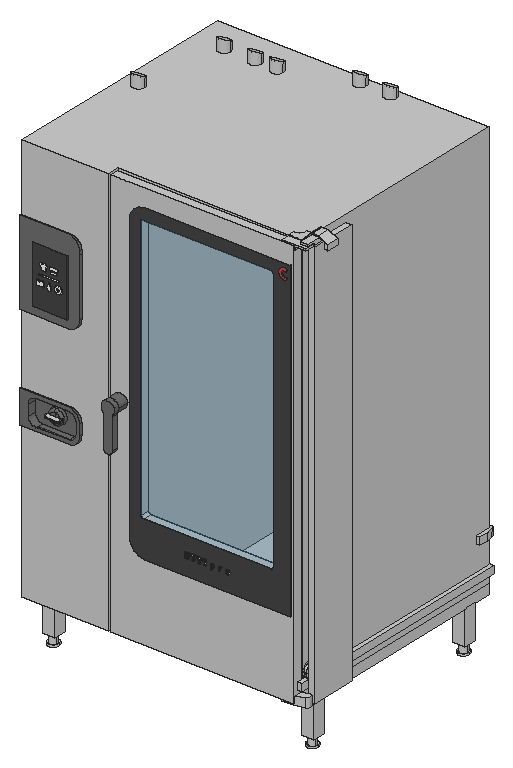
Revit family "QF_WELBILT-CONVOTHERM_CMX-PRO-ET-20-20-GB.240704055421", category Specialty Equipment, Revit 2020
Family settings
  Round Connector Dimension = Use Diameter
  Part Type = Normal
  OmniClass Number = 23.40.40.14
  OmniClass Title = Food Service Equipment
  Work Plane-Based = No
  Always vertical = Yes
  Cut with Voids When Loaded = No
  Shared = No
  Room Calculation Point = No
Parameters (values of type "CMX-PRO-ET-20-20-GB-DD_230V/1Ph/50Hz")
  Weight = 331.00 kg
  Waste Remarks [instance] = ""
  Volts = 230 V
  URL Cutsheet = ""
  URL = "www.convotherm.com"
  Status [instance] = ""
  Specification by User [instance] = ""
  Specification by Manufacturer [instance] = ""
  Serial Number = ""
  Seismic Rating = ""
  SMACNA No = ""
  Revision Code [instance] = ""
  Phase = 1
  Number of Poles = 1
  Nominal Gas power = 62000 W
  NAFEM Spec ID Number = ""
  Model = "CMX-PRO-ET-20-20-GB"
  Min Ckt Ampacity = 0 A
  Mechanical Connection Type [instance] = ""
  Max Overcurrent Protection = 0 A
  Masterspec = ""
  Manufacturer = "WELBILT-CONVOTHERM"
  Length Actual = 1135 mm
  Item Number [instance] = ""
  Installed By [instance] = ""
  Indirect Waste Size = 25.4 mm
  Indirect Waste Connection Type [instance] = ""
  Indirect Waste Connection Height [instance] = 220 mm
  Identify Quantity as Lot [instance] = no
  Height Actual = 1934 mm
  HP power = ""
  Gas power kW = 62
  Gas Size Flexible = 0 mm
  Gas Size = 19.05 mm
  Gas RI Height [instance] = 0 mm
  Gas Flow = 0.0 L/s
  Gas Connection Height [instance] = 220 mm
  Furnished By [instance] = ""
  Foodservice Equipment Identifier [instance] = no
  FL Amps = 4.3 A
  Electric power = 1100 W
  Electric Connection Type [instance] = ""
  Elec Conn RI Height [instance] = 0 mm
  Elec Conn Connection Height [instance] = 220 mm
  Direct Waste RI Height [instance] = 0 mm
  Description = "COMBI OVEN MAXX PRO EASYTOUCH 20 SHELVES GN 2/1 - DISAPPEARING DOOR - GAS BOILER"
  Depth Actual = 1020 mm
  Default Elevation = 0 mm
  Cycle = 50 Hz
  Cost = 0
  Conn Plug = ""
  Conn Conduit = no
  Cold Water Temperature Recommended = 0 °C
  Cold Water Size = 19.05 mm
  Cold Water Flow = 0.0 L/s
  Cold Water Connection Height [instance] = 220 mm
  CSI MasterFormat = ""
  Apparent Power = 1100 VA
  Accessory = no
Reference planes
  plane 1 "Center (Front/Back)": y = 0
  plane 2: z = 0
  plane 3 "Center (Left/Right)": x = 0
Forms (mm)
  Extrusion 1, solid, not visible
    sketch origin (134, -522, 222) x (1, 0, 0) y (0, 1, 0)
      loop
        line (0, 0) -> (2, 0) -> (2, 2) -> (0, 2) -> (0, 0)
    from 0 to 2
  Extrusion 2, solid, not visible
    sketch origin (124, -600, 222) x (1, 0, 0) y (0, 1, 0)
      loop
        line (0, 0) -> (2, 0) -> (2, 2) -> (0, 2) -> (0, 0)
    from 0 to 2
  Extrusion 3, solid, not visible
    sketch origin (301, -405, 222) x (1, 0, 0) y (0, 1, 0)
      loop
        line (0, 0) -> (2, 0) -> (2, 2) -> (0, 2) -> (0, 0)
    from 0 to 2
  Extrusion 4, solid, not visible
    sketch origin (104, -362, 222) x (1, 0, 0) y (0, 1, 0)
      loop
        line (0, 0) -> (2, 0) -> (2, 2) -> (0, 2) -> (0, 0)
    from 0 to 2
Dimensions and locks
  aligned and locked: level to plane 2
Nested families
  nested 1: "QF_WELBILT-CONVOTHERM_CMX-PRO-ET-20-20-GB-DD_230V_1Ph_50Hz" at (0, 0, 0), type "CMX-PRO-ET-20-20-GB-DD_230V/1Ph/50Hz"
    with Show Logo yes, Show Clearance yes
Connectors
  piping at (135, -521, 222), diameter 19.05, driven by "Gas Size", driven by "Gas Flow"
    settings: on Extrusion 1, index 1, connector inside diameter 609.6 mm, connector length 0 mm, flow factor 0, pipe flow 0.0 L/s, pressure drop 0.0 Pa, fitting loss kfactor 0, connector angle 0.00°, fixture units 0, engagement length 0 mm, angle of deflection 0.00°, flow configuration 1, flow direction 1, fitting loss method 0, system type 22, joint type 0, gender type 0, connector reference index -1, connector utility 0, adjustable connector no, is connector primary yes, connector description "Gas connection for 'CMX-PRO-ET-20-20-GB'"
  electrical at (125, -599, 222), driven by "Apparent Power", driven by "Number of Poles", driven by "Volts"
    settings: on Extrusion 2, index 2, voltage 230 V, apparent load 0 VA, apparent load phase1 1100 VA, apparent load phase2 0 VA, apparent load phase3 0 VA, power factor 1, load classification "Other", number of poles 1, system type 31, power factor state 1, is connector primary yes, connector utility no, sub classification motor no, connector description "Electric connection for 'CMX-PRO-ET-20-20-GB'"
  piping at (302, -404, 222), diameter 25.4, driven by "Indirect Waste Size"
    settings: on Extrusion 3, index 3, connector inside diameter 609.6 mm, connector length 0 mm, flow factor 0, pipe flow 0.0 L/s, pressure drop 0.0 Pa, fitting loss kfactor 0, connector angle 0.00°, fixture units 0, engagement length 0 mm, angle of deflection 0.00°, flow configuration 1, flow direction 2, fitting loss method 0, system type 16, joint type 0, gender type 0, connector reference index -1, connector utility 0, adjustable connector no, is connector primary no, connector description "Drain connection for 'CMX-PRO-ET-20-20-GB'"
  piping at (105, -361, 222), diameter 19.05, driven by "Cold Water Size", driven by "Cold Water Flow"
    settings: on Extrusion 4, index 4, connector inside diameter 609.6 mm, connector length 0 mm, flow factor 0, pipe flow 0.0 L/s, pressure drop 0.0 Pa, fitting loss kfactor 0, connector angle 0.00°, fixture units 0, engagement length 0 mm, angle of deflection 0.00°, flow configuration 1, flow direction 1, fitting loss method 0, system type 20, joint type 0, gender type 0, connector reference index -1, connector utility 0, adjustable connector no, is connector primary no, connector description "Cold Water connection for 'CMX-PRO-ET-20-20-GB'"
Definition of nested family "QF_WELBILT-CONVOTHERM_CMX-PRO-ET-20-20-GB-DD_230V_1Ph_50Hz"
  Parameters (values of type "CMX-PRO-ET-20-20-GB-DD_230V/1Ph/50Hz")
    URL = "www.convotherm.com"
    Show Logo [instance] = yes
    Show Clearance [instance] = yes
    Model = "CMX-PRO-ET-20-20-GB"
    Manufacturer = "WELBILT-CONVOTHERM"
    Description = "COMBI OVEN MAXX PRO EASYTOUCH 20 SHELVES GN 2/1 - DISAPPEARING DOOR - GAS BOILER"
    Default Elevation = 0 mm
    Assembly Code = "E1090320"
  Types (2, lengths in mm): name | Model | Description
    CMX-PRO-ET-20-20-GB-DD_230V/1Ph/50Hz | "CMX-PRO-ET-20-20-GB" | "COMBI OVEN MAXX PRO EASYTOUCH 20 SHELVES GN 2/1 - DISAPPEARING DOOR - GAS BOILER"
    CMX-PRO-ET-20-20-GS-DD | "CMX-PRO-ET-20-20-GS" | "COMBI OVEN MAXX PRO EASYTOUCH 20 SHELVES GN 2/1 - DISAPPEARING DOOR - GAS INJECTION"
  Reference planes
    plane 1 "Back": y = 0
    plane 2: z = 0
    plane 3 "Left": x = 0
    plane 4 "Right": x = 1135
    plane 5 "Front": y = -1020
    plane 6 "Top": z = 1934
  Forms (mm)
    Extrusion 1, solid
      sketch origin (0, 0, 96) x (0, 1, 0) y (0, 0, 1)
        loop
          line (0, 1838) -> (-69, 1838) -> (-69, 126) -> (0, 126) -> (0, 1838)
      from 0 to 1135
    Extrusion 2, solid
      sketch origin (621, -433, 142.161) x (1, 0, 0) y (0, 0, 1)
        loop
          line (-250, 1791.839) -> (-250, 79.839) -> (514, 79.839) -> (514, 1791.839) -> (-250, 1791.839)
        loop
          arc (-115, 1670.132) -> (-122.071, 1667.203) -> (-125, 1660.132) r 10
          line (-125, 1660.132) -> (-125, 559.207)
          arc (-125, 559.207) -> (-122.071, 552.136) -> (-115, 549.207) r 10
          line (-115, 549.207) -> (419, 549.207)
          arc (419, 549.207) -> (426.071, 552.136) -> (429, 559.207) r 10
          line (429, 559.207) -> (429, 1660.132)
          arc (429, 1660.132) -> (426.071, 1667.203) -> (419, 1670.132) r 10
          line (419, 1670.132) -> (-115, 1670.132)
      from 550 to 587
    Extrusion 3, solid
      sketch origin (621, -423, 1162.455) x (1, 0, 0) y (0, 0, 1)
        loop
          arc (-115, 649.839) -> (-122.071, 646.91) -> (-125, 639.839) r 10
          line (-125, 639.839) -> (-125, -461.086)
          arc (-125, -461.086) -> (-122.071, -468.157) -> (-115, -471.086) r 10
          line (-115, -471.086) -> (419, -471.086)
          arc (419, -471.086) -> (426.071, -468.157) -> (429, -461.086) r 10
          line (429, -461.086) -> (429, 639.839)
          arc (429, 639.839) -> (426.071, 646.91) -> (419, 649.839) r 10
          line (419, 649.839) -> (-115, 649.839)
      from 560 to 597
    Extrusion 4, solid
      sketch origin (538.754, 250.154, 1299.45) x (1, 0, 0) y (0, 1, 0)
        loop
          circle (88.246, -288.147) r 25
      from 634.55 to 684.55
    Extrusion 5, solid, visible <- "Show Logo"
      sketch origin (608.278, -419.7, 1383.603) x (1, 0, 0) y (0, 0, 1)
        loop
          line (496.472, 442.836) -> (496.472, 452.836)
          arc (496.472, 452.836) -> (465.307, 432.836) -> (496.472, 412.836) r 22
          line (496.472, 412.836) -> (496.472, 422.836)
          arc (496.472, 422.836) -> (477.839, 432.836) -> (496.472, 442.836) r 12
      from 599 to 601
    Extrusion 6, void
      sketch origin (495, 28.007, 1307) x (0, 1, 0) y (0, 0, 1)
        loop
          line (-40.997, 682) -> (-101.661, 682) -> (-40.997, 653.55) -> (-40.997, 682)
      from 106.55 to 160
    Extrusion 7, solid
      sketch origin (0, -1022, 122) x (-1, 0, 0) y (0, 0, 1)
        loop
          line (0, 1812) -> (-361, 1812) -> (-361, 100) -> (0, 100) -> (0, 1812)
      from 2 to 49
    Extrusion 8, solid
      sketch origin (260, -1020.5, 1142.293) x (-1, 0, 0) y (0, 0, 1)
        loop
          line (-863, 715.8) -> (-863, -599.2) -> (-252.2, -599.2)
          arc (-252.2, -599.2) -> (-208.359, -581.041) -> (-190.2, -537.2) r 62
          line (-190.2, -537.2) -> (-190.2, 653.753)
          arc (-190.2, 653.753) -> (-208.373, 697.627) -> (-252.247, 715.8) r 62.047
          line (-252.247, 715.8) -> (-863, 715.8)
        loop
          arc (-780, 670) -> (-787.071, 667.071) -> (-790, 660) r 10
          line (-790, 660) -> (-790, -440.925)
          arc (-790, -440.925) -> (-787.071, -447.996) -> (-780, -450.925) r 10
          line (-780, -450.925) -> (-246, -450.925)
          arc (-246, -450.925) -> (-238.929, -447.996) -> (-236, -440.925) r 10
          line (-236, -440.925) -> (-236, 660)
          arc (-236, 660) -> (-238.929, 667.071) -> (-246, 670) r 10
          line (-246, 670) -> (-780, 670)
      from 0 to 2
    Extrusion 9, solid
      sketch origin (-428.638, -446.526, 1166.547) x (0, 0, 1) y (-1, 0, 0)
        loop
          line (406.44, -478.638) -> (166.44, -478.638) -> (166.44, -623.042) -> (406.44, -623.042) -> (406.44, -478.638)
      from 580.124 to 582.124
    Extrusion 10, solid
      sketch origin (-39.218, -1026.85, -393.128) x (0, 0, -1) y (1, 0, 0)
        loop
          circle (-1823.457, 196.933) r 15
        loop
          circle (-1823.457, 196.933) r 5
        loop
          line (-1832, 105.461) -> (-1812, 105.461)
          arc (-1812, 105.461) -> (-1814.476, 112.961) -> (-1812, 120.461) r 12.599
          arc (-1812, 120.461) -> (-1814.331, 127.961) -> (-1812, 135.461) r 13.23
          line (-1812, 135.461) -> (-1832, 135.461)
          arc (-1832, 135.461) -> (-1833.917, 127.433) -> (-1829.5, 120.461) r 10.608
          arc (-1829.5, 120.461) -> (-1833.694, 113.452) -> (-1832, 105.461) r 11.176
        loop
          line (-1886.763, 126.478) -> (-1874.888, 126.478) -> (-1874.888, 143.353) -> (-1886.763, 143.353)
          arc (-1886.763, 143.353) -> (-1899.276, 145.695) -> (-1897.911, 133.038) r 7.931
          arc (-1897.911, 133.038) -> (-1896.65, 122.428) -> (-1886.763, 126.478) r 6.712
        loop
          line (-1897.084, 162.209) -> (-1887.084, 162.209) -> (-1887.084, 194.695) -> (-1897.084, 194.695) -> (-1897.084, 162.209)
        loop
          line (-1881.943, 166.339) -> (-1874.888, 166.339) -> (-1874.888, 189.464) -> (-1881.943, 189.464) -> (-1881.943, 166.339)
        loop
          line (-1857.166, 113.206) -> (-1852.166, 113.206) -> (-1852.166, 198.206) -> (-1857.166, 198.206) -> (-1857.166, 113.206)
        loop
          line (-1837.069, 158.906) -> (-1821.106, 151.462)
          arc (-1821.106, 151.462) -> (-1809.423, 158.906) -> (-1821.106, 166.349) r 8.213
          line (-1821.106, 166.349) -> (-1837.069, 158.906)
      from 0 to 2
    Extrusion 11, solid
      sketch origin (-21.246, -207.853, 1299.45) x (1, 0, 0) y (0, 1, 0)
        loop
          circle (88.246, -288.147) r 25
      from 634.55 to 684.55
    Extrusion 12, void
      sketch origin (-65, -430, 1307) x (0, 1, 0) y (0, 0, 1)
        loop
          line (-40.997, 682) -> (-101.661, 682) -> (-40.997, 653.55) -> (-40.997, 682)
      from 106.55 to 160
    Extrusion 13, solid, visible <- "Show Clearance", detail levels coarse
      sketch origin (259, -226, 122) x (1, 0, 0) y (0, 1, 0)
        loop
          line (876, -794) -> (112, -794)
          arc (112, -794) -> (335.77, -1334.23) -> (876, -1558) r 764
          line (876, -1558) -> (876, -794)
      from 100 to 1812
    Extrusion 14, solid, visible <- "Show Clearance", detail levels coarse
      sketch origin (0, 0, 1020.837) x (1, 0, 0) y (0, 1, 0)
        loop
          line (1185, 50) -> (-50, 50) -> (-50, -1020) -> (0, -1020) -> (0, 0) -> (1135, 0) -> (1135, -1020) -> (1185, -1020) -> (1185, 50)
      from -1020.837 to 913.163
    Extrusion 15, solid
      sketch origin (401.711, -455, 812.309) x (1, 0, 0) y (0, 0, 1)
        loop
          arc (-10.176, 136.991) -> (9.289, 117.635) -> (28.753, 136.991) r 19.465
          line (28.753, 136.991) -> (28.753, 265.447)
          arc (28.753, 265.447) -> (29.337, 268.813) -> (31.019, 271.786) r 9.998
          arc (31.019, 271.786) -> (9.289, 317.699) -> (-12.442, 271.786) r 28.099
          arc (-12.442, 271.786) -> (-10.759, 268.813) -> (-10.176, 265.447) r 9.998
          line (-10.176, 265.447) -> (-10.176, 136.991)
      from 611 to 630
    Extrusion 16, solid
      sketch origin (376.711, -428, 809.017) x (1, 0, 0) y (0, 0, 1)
        loop
          circle (34.289, 292.891) r 28.099
      from 592 to 638
    Extrusion 17, solid
      sketch origin (0, -1022.2, 962.518) x (-1, 0, 0) y (0, 0, 1)
        loop
          line (4, 692) -> (-199.45, 692)
          arc (-199.45, 692) -> (-233.073, 678.073) -> (-247, 644.45) r 47.55
          line (-247, 644.45) -> (-247, 632) -> (-247, 386.55)
          arc (-247, 386.55) -> (-233.073, 352.927) -> (-199.45, 339) r 47.55
          line (-199.45, 339) -> (4, 339) -> (4, 692)
      from -5.45 to 30.55
    Extrusion 18, solid, visible <- "Show Logo"
      sketch origin (151.074, -1021, 492.827) x (-1, 0, 0) y (0, 0, 1)
        loop
          line (-528.137, 127.552) -> (-530.011, 127.552) -> (-530.348, 126.074)
          arc (-530.348, 126.074) -> (-533.867, 127.761) -> (-537.387, 126.074) r 4.515
          arc (-537.387, 126.074) -> (-541.947, 127.505) -> (-544.743, 123.629) r 4.084
          line (-544.743, 123.629) -> (-544.743, 116.284) -> (-542.349, 116.284) -> (-542.349, 123.232)
          arc (-542.349, 123.232) -> (-539.99, 125.59) -> (-537.632, 123.232) r 2.358
          line (-537.632, 123.232) -> (-537.632, 116.284) -> (-535.228, 116.284) -> (-535.228, 123.232)
          arc (-535.228, 123.232) -> (-532.879, 125.58) -> (-530.531, 123.232) r 2.348
          line (-530.531, 123.232) -> (-530.531, 116.284) -> (-528.137, 116.284) -> (-528.137, 127.552)
        loop
          arc (-560.96, 126.777) -> (-563.601, 127.667) -> (-566.387, 127.637) r 8.338
          arc (-566.387, 127.637) -> (-568.587, 126.318) -> (-569.365, 123.874) r 3.628
          line (-569.365, 123.874) -> (-569.365, 116.284) -> (-567.653, 116.284) -> (-567.175, 117.853)
          arc (-567.175, 117.853) -> (-565.463, 116.5) -> (-563.335, 116.017) r 4.933
          arc (-563.335, 116.017) -> (-560.862, 117.042) -> (-559.838, 119.515) r 3.498
          arc (-559.838, 119.515) -> (-560.769, 121.724) -> (-562.869, 122.881) r 3.655
          arc (-562.869, 122.881) -> (-564.937, 123.13) -> (-567.021, 123.172) r 20.914
          arc (-567.021, 123.172) -> (-566.618, 125.022) -> (-564.92, 125.86) r 2.182
          arc (-564.92, 125.86) -> (-563.277, 125.666) -> (-561.734, 125.066) r 6.53
          line (-561.734, 125.066) -> (-560.96, 126.777)
        loop
          line (-566.971, 121.663) -> (-566.971, 120.653)
          arc (-566.971, 120.653) -> (-565.555, 118.263) -> (-562.778, 118.357) r 2.725
          arc (-562.778, 118.357) -> (-562.249, 119.77) -> (-563.061, 121.043) r 1.69
          arc (-563.061, 121.043) -> (-563.851, 121.394) -> (-564.704, 121.544) r 3.557
          line (-564.704, 121.544) -> (-566.971, 121.663)
        loop
          line (-583.952, 127.552) -> (-586.682, 127.552) -> (-589.25, 123.609) -> (-591.837, 127.552) -> (-594.547, 127.552) -> (-590.757, 122.04) -> (-594.741, 116.284) -> (-592.031, 116.284) -> (-589.25, 120.502) -> (-586.479, 116.284) -> (-583.769, 116.284) -> (-587.732, 122.04) -> (-583.952, 127.552)
        loop
          line (-607.963, 127.552) -> (-610.693, 127.552) -> (-613.26, 123.609) -> (-615.848, 127.552) -> (-618.558, 127.552) -> (-614.768, 122.04) -> (-618.752, 116.284) -> (-616.042, 116.284) -> (-613.26, 120.502) -> (-610.489, 116.284) -> (-607.779, 116.284) -> (-611.742, 122.04) -> (-607.963, 127.552)
        loop
          line (-636.435, 132.059) -> (-639.145, 132.059) -> (-639.689, 130.03)
          arc (-639.689, 130.03) -> (-644.361, 132.339) -> (-649.091, 130.15) r 6.037
          arc (-649.091, 130.15) -> (-650.678, 124.151) -> (-649.091, 118.152) r 12.127
          arc (-649.091, 118.152) -> (-644.439, 115.999) -> (-639.787, 118.152) r 6.101
          line (-639.787, 118.152) -> (-639.787, 109.266) -> (-636.435, 109.266) -> (-636.435, 132.059)
        loop
          arc (-640.707, 128.436) -> (-643.521, 129.607) -> (-646.244, 128.239) r 3.656
          arc (-646.244, 128.239) -> (-647.304, 124.134) -> (-646.244, 120.028) r 8.478
          arc (-646.244, 120.028) -> (-643.478, 118.728) -> (-640.707, 120.019) r 3.605
          arc (-640.707, 120.019) -> (-639.746, 124.228) -> (-640.707, 128.436) r 9.697
        loop
          line (-672.161, 132.059) -> (-674.786, 132.059) -> (-675.228, 129.277)
          arc (-675.228, 129.277) -> (-678.007, 131.919) -> (-681.831, 132.201) r 5.699
          line (-681.831, 132.201) -> (-681.499, 129.039)
          arc (-681.499, 129.039) -> (-677.382, 128.276) -> (-675.513, 124.528) r 4.693
          line (-675.513, 124.528) -> (-675.513, 116.284) -> (-672.161, 116.284) -> (-672.161, 132.059)
        loop
          arc (-701.668, 128.856) -> (-708.102, 132.336) -> (-714.536, 128.856) r 7.688
          arc (-714.536, 128.856) -> (-715.716, 123.509) -> (-713.81, 118.375) r 9.693
          arc (-713.81, 118.375) -> (-708.258, 115.93) -> (-702.705, 118.375) r 7.526
          arc (-702.705, 118.375) -> (-700.886, 123.487) -> (-701.668, 128.856) r 11.265
        loop
          arc (-705.156, 128.208) -> (-708.205, 129.601) -> (-711.253, 128.208) r 4.032
          arc (-711.253, 128.208) -> (-712.176, 124.281) -> (-711.253, 120.354) r 8.822
          arc (-711.253, 120.354) -> (-708.251, 118.678) -> (-705.156, 120.174) r 3.725
          arc (-705.156, 120.174) -> (-704.233, 124.191) -> (-705.156, 128.208) r 9.2
        loop
          arc (-532.682, 137.519) -> (-530.724, 137.866) -> (-529.296, 136.484) r 2.184
          arc (-529.296, 136.484) -> (-529.141, 134.97) -> (-529.666, 133.541) r 3.38
          arc (-529.666, 133.541) -> (-531.195, 132.902) -> (-532.824, 133.209) r 2.886
          line (-532.824, 133.209) -> (-532.824, 132.27)
          arc (-532.824, 132.27) -> (-530.712, 132.004) -> (-528.755, 132.842) r 4.064
          arc (-528.755, 132.842) -> (-527.999, 134.996) -> (-528.348, 137.252) r 4.701
          arc (-528.348, 137.252) -> (-530.48, 138.773) -> (-533.076, 138.431) r 3.573
          line (-533.076, 138.431) -> (-532.682, 137.519)
        loop
          arc (-537.479, 137.982) -> (-539.805, 138.908) -> (-542.133, 137.986) r 3.392
          arc (-542.133, 137.986) -> (-542.922, 135.429) -> (-542.133, 132.872) r 4.538
          arc (-542.133, 132.872) -> (-539.818, 131.941) -> (-537.495, 132.853) r 3.378
          arc (-537.495, 132.853) -> (-536.706, 135.415) -> (-537.479, 137.982) r 4.603
        loop
          arc (-538.327, 137.294) -> (-539.797, 137.948) -> (-541.273, 137.306) r 1.999
          arc (-541.273, 137.306) -> (-541.786, 135.426) -> (-541.273, 133.546) r 3.701
          arc (-541.273, 133.546) -> (-539.8, 132.933) -> (-538.327, 133.544) r 2.078
          arc (-538.327, 133.544) -> (-537.877, 135.419) -> (-538.327, 137.294) r 4.129
        loop
          line (-547.292, 138.766) -> (-548.621, 138.766) -> (-551.871, 133.511) -> (-551.871, 138.766) -> (-552.875, 138.766) -> (-552.875, 132.063) -> (-551.532, 132.063) -> (-548.286, 137.265) -> (-548.286, 132.063) -> (-547.292, 132.063) -> (-547.292, 138.766)
        loop
          line (-556.671, 138.766) -> (-557.799, 138.766) -> (-559.583, 133.448) -> (-561.375, 138.766) -> (-562.512, 138.766) -> (-560.164, 132.063) -> (-559.009, 132.063) -> (-556.671, 138.766)
        loop
          arc (-566.711, 137.982) -> (-569.038, 138.908) -> (-571.366, 137.986) r 3.392
          arc (-571.366, 137.986) -> (-572.155, 135.429) -> (-571.366, 132.872) r 4.538
          arc (-571.366, 132.872) -> (-569.051, 131.941) -> (-566.727, 132.853) r 3.378
          arc (-566.727, 132.853) -> (-565.939, 135.415) -> (-566.711, 137.982) r 4.603
        loop
          arc (-567.56, 137.294) -> (-569.03, 137.948) -> (-570.505, 137.306) r 1.999
          arc (-570.505, 137.306) -> (-571.019, 135.426) -> (-570.505, 133.546) r 3.701
          arc (-570.505, 133.546) -> (-569.033, 132.933) -> (-567.56, 133.544) r 2.078
          arc (-567.56, 133.544) -> (-567.109, 135.419) -> (-567.56, 137.294) r 4.129
        loop
          line (-577.456, 137.826) -> (-575.485, 137.826) -> (-575.485, 138.766) -> (-580.523, 138.766) -> (-580.523, 137.826) -> (-578.552, 137.826) -> (-578.552, 132.063) -> (-577.456, 132.063) -> (-577.456, 137.826)
        loop
          line (-584.461, 138.766) -> (-585.556, 138.766) -> (-585.556, 136.024) -> (-588.646, 136.024) -> (-588.646, 138.766) -> (-589.747, 138.766) -> (-589.747, 132.063) -> (-588.646, 132.063) -> (-588.646, 135.084) -> (-585.556, 135.084) -> (-585.556, 132.063) -> (-584.461, 132.063) -> (-584.461, 138.766)
        loop
          line (-598.044, 136.015) -> (-598.044, 135.098) -> (-595.518, 135.098) -> (-595.518, 132.994) -> (-598.214, 132.994) -> (-598.214, 132.063) -> (-594.423, 132.063) -> (-594.423, 138.766) -> (-598.214, 138.766) -> (-598.214, 137.84) -> (-595.518, 137.84) -> (-595.518, 136.015) -> (-598.044, 136.015)
        loop
          line (-602.573, 138.766) -> (-604.466, 138.766)
          arc (-604.466, 138.766) -> (-605.459, 138.644) -> (-606.393, 138.285) r 4.104
          arc (-606.393, 138.285) -> (-606.983, 136.462) -> (-605.709, 135.029) r 1.929
          line (-605.709, 135.029) -> (-607.602, 132.063) -> (-606.355, 132.063) -> (-604.751, 134.741) -> (-603.669, 134.741) -> (-603.669, 132.063) -> (-602.573, 132.063) -> (-602.573, 138.766)
        loop
          line (-603.669, 137.84) -> (-604.805, 137.84)
          arc (-604.805, 137.84) -> (-605.901, 136.744) -> (-604.805, 135.648) r 1.096
          line (-604.805, 135.648) -> (-603.669, 135.648) -> (-603.669, 137.84)
        loop
          line (-611.485, 138.766) -> (-613.03, 138.766) -> (-614.905, 133.395) -> (-616.835, 138.766) -> (-618.384, 138.766) -> (-618.384, 132.063) -> (-617.33, 132.063) -> (-617.33, 137.563) -> (-615.349, 132.063) -> (-614.382, 132.063) -> (-612.48, 137.543) -> (-612.48, 132.063) -> (-611.485, 132.063) -> (-611.485, 138.766)
      from 0 to 2
    Extrusion 19, solid
      sketch origin (0, -792, 222) x (-1, 0, 0) y (0, 0, 1)
        loop
          line (0, 1712) -> (-1135, 1712) -> (-1135, 0) -> (0, 0) -> (0, 1712)
        loop
          line (-411, 1672) -> (-1095, 1672) -> (-1095, 40) -> (-411, 40) -> (-411, 1672)
      from -181 to 723
    Extrusion 20, solid
      sketch origin (60, -1022.2, 528.196) x (-1, 0, 0) y (0, 0, 1)
        loop
          line (64, 479) -> (-139.45, 479)
          arc (-139.45, 479) -> (-173.073, 465.073) -> (-187, 431.45) r 47.55
          line (-187, 431.45) -> (-187, 386.55)
          arc (-187, 386.55) -> (-173.073, 352.927) -> (-139.45, 339) r 47.55
          line (-139.45, 339) -> (64, 339) -> (64, 479)
        loop
          line (-4.55, 464) -> (-139.45, 464)
          arc (-139.45, 464) -> (-162.466, 454.466) -> (-172, 431.45) r 32.55
          line (-172, 431.45) -> (-172, 386.55)
          arc (-172, 386.55) -> (-162.466, 363.534) -> (-139.45, 354) r 32.55
          line (-139.45, 354) -> (-4.55, 354)
          arc (-4.55, 354) -> (18.466, 363.534) -> (28, 386.55) r 32.55
          line (28, 386.55) -> (28, 431.45)
          arc (28, 431.45) -> (18.466, 454.466) -> (-4.55, 464) r 32.55
      from -5.45 to 30.55
    Extrusion 21, void
      sketch origin (0, -1032.65, 220) x (-1, 0, 0) y (0, 0, 1)
        loop
          line (-64.55, 774.196) -> (-199.45, 774.196)
          arc (-199.45, 774.196) -> (-223.881, 764.076) -> (-234, 739.646) r 34.55
          line (-234, 739.646) -> (-234, 694.746)
          arc (-234, 694.746) -> (-223.881, 670.315) -> (-199.45, 660.196) r 34.55
          line (-199.45, 660.196) -> (-64.55, 660.196)
          arc (-64.55, 660.196) -> (-40.119, 670.315) -> (-30, 694.746) r 34.55
          line (-30, 694.746) -> (-30, 739.646)
          arc (-30, 739.646) -> (-40.119, 764.076) -> (-64.55, 774.196) r 34.55
      from 0 to 41
    Revolve 22, solid
      sketch origin (132, -213, 187) x (0, 1, 0) y (0, 0, 1)
        loop
          line (-800.65, 771.095) -> (-800.65, 750.196) -> (-780.65, 750.196) -> (-780.65, 782.804) -> (-792.214, 780.972)
          arc (-792.214, 780.972) -> (-798.254, 777.59) -> (-800.65, 771.095) r 10
        axis (-780.65, 750.196) -> (-800.65, 750.196)
      angle from 0 to 360
    Extrusion 23, solid
      sketch origin (60, -988.2, 513.196) x (-1, 0, 0) y (0, 0, 1)
        loop
          line (-4.55, 479) -> (-139.45, 479)
          arc (-139.45, 479) -> (-162.466, 469.466) -> (-172, 446.45) r 32.55
          line (-172, 446.45) -> (-172, 401.55)
          arc (-172, 401.55) -> (-162.466, 378.534) -> (-139.45, 369) r 32.55
          line (-139.45, 369) -> (-4.55, 369)
          arc (-4.55, 369) -> (18.466, 378.534) -> (28, 401.55) r 32.55
          line (28, 401.55) -> (28, 446.45)
          arc (28, 446.45) -> (18.466, 469.466) -> (-4.55, 479) r 32.55
      from -5.45 to -3.45
    Extrusion 24, solid
      sketch origin (102, -228.026, 187) x (0, 1, 0) y (0, 0, 1)
        loop
          circle (-793.65, 750.196) r 8
      from 0 to 60
    Revolve 25, solid
      sketch origin (102, -1021.676, 187) x (-1, 0, 0) y (0, 0, 1)
        loop
          line (-60, 750.196) -> (-60, 758.196)
          arc (-60, 758.196) -> (-61.414, 757.61) -> (-62, 756.196) r 2
          line (-62, 756.196) -> (-62, 750.196) -> (-60, 750.196)
        axis (-60, 750.196) -> (-62, 750.196)
      angle from 0 to 360
    Revolve 26, solid
      sketch origin (162, -1021.676, 187) x (1, 0, 0) y (0, 0, -1)
        loop
          line (-60, -750.196) -> (-62, -750.196) -> (-62, -756.196)
          arc (-62, -756.196) -> (-61.414, -757.61) -> (-60, -758.196) r 2
          line (-60, -758.196) -> (-60, -750.196)
        axis (-60, -750.196) -> (-62, -750.196)
      angle from 0 to 360
    Extrusion 27, solid
      sketch origin (665.754, 250.154, 1299.45) x (1, 0, 0) y (0, 1, 0)
        loop
          circle (88.246, -288.147) r 25
      from 634.55 to 684.55
    Extrusion 28, void
      sketch origin (622, 28.007, 1307) x (0, 1, 0) y (0, 0, 1)
        loop
          line (-40.997, 682) -> (-101.661, 682) -> (-40.997, 653.55) -> (-40.997, 682)
      from 106.55 to 160
    Extrusion 29, solid
      sketch origin (49.754, 152.154, 1299.45) x (1, 0, 0) y (0, 1, 0)
        loop
          circle (88.246, -288.147) r 25
      from 634.55 to 684.55
    Extrusion 30, void
      sketch origin (6, -69.993, 1307) x (0, 1, 0) y (0, 0, 1)
        loop
          line (-40.997, 682) -> (-101.661, 682) -> (-40.997, 653.55) -> (-40.997, 682)
      from 106.55 to 160
    Extrusion 31, solid
      sketch origin (179.754, 152.154, 1299.45) x (1, 0, 0) y (0, 1, 0)
        loop
          circle (88.246, -288.147) r 25
      from 634.55 to 684.55
    Extrusion 32, void
      sketch origin (136, -69.993, 1307) x (0, 1, 0) y (0, 0, 1)
        loop
          line (-40.997, 682) -> (-101.661, 682) -> (-40.997, 653.55) -> (-40.997, 682)
      from 106.55 to 160
    Extrusion 33, solid
      sketch origin (269.754, 152.154, 1299.45) x (1, 0, 0) y (0, 1, 0)
        loop
          circle (88.246, -288.147) r 25
      from 634.55 to 684.55
    Extrusion 34, void
      sketch origin (226, -69.993, 1307) x (0, 1, 0) y (0, 0, 1)
        loop
          line (-40.997, 682) -> (-101.661, 682) -> (-40.997, 653.55) -> (-40.997, 682)
      from 106.55 to 160
    Extrusion 35, solid
      sketch origin (260, -1019.75, 976) x (-1, 0, 0) y (0, 0, 1)
        loop
          line (-815.5, 958) -> (-815.5, 961) -> (-872, 961) -> (-892.891, 985.896) -> (-925.376, 985.896) -> (-965.082, 967.381) -> (-965.082, 944.661) -> (-949.941, 944.661) -> (-949.941, 971.131) -> (-924.711, 982.896) -> (-894.29, 982.896) -> (-873.399, 958) -> (-815.5, 958)
      from 47 to 116.999
    Extrusion 36, solid
      sketch origin (260, -227.75, 222) x (0, 1, 0) y (0, 0, 1)
        loop
          line (-547.75, 1702.3) -> (-741.75, 1702.3) -> (-741.75, -6.7) -> (-547.75, -6.7) -> (-547.75, 1702.3)
      from 898.5 to 920.5
    Extrusion 37, solid
      sketch origin (260, -275, 222) x (0, 1, 0) y (0, 0, 1)
        loop
          line (275, 75) -> (-729, 75) -> (-729, 45) -> (275, 45) -> (275, 75)
      from 880 to 895
    Extrusion 38, solid
      sketch origin (260, 0, 222) x (1, 0, 0) y (0, 1, 0)
        loop
          line (875, -70.5) -> (895, -70.5) -> (895, -32.5) -> (889.343, -0.416)
          arc (889.343, -0.416) -> (885.239, 6.693) -> (877.525, 9.5) r 12
          line (877.525, 9.5) -> (862, 9.5) -> (862, 0) -> (875, 0) -> (875, -70.5)
      from 182.6 to 212.6
    Extrusion 39, solid
      sketch origin (260, -1019.75, 976) x (-1, 0, 0) y (0, 0, 1)
        loop
          line (-824, 958) -> (-824, 964) -> (-924, 964) -> (-924, 958) -> (-880, 958) -> (-880, 944.5) -> (-875, 944.5) -> (-875, 958) -> (-824, 958)
      from 2 to 36.25
    Extrusion 40, solid
      sketch origin (260, -227.75, 976) x (0, 1, 0) y (0, 0, 1)
        loop
          line (-741.75, 968.3) -> (-741.75, 958) -> (-675.001, 958) -> (-675.001, 974.3) -> (-779.75, 974.3) -> (-779.75, 968.3) -> (-741.75, 968.3)
      from 894 to 924.046
    Extrusion 41, solid
      sketch origin (260, -227.75, 976) x (1, 0, 0) y (0, 1, 0)
        loop
          line (920.5, -741.75) -> (920.5, -670.75) -> (900.751, -670.75) -> (900.751, -725) -> (875, -725) -> (875, -741.75) -> (920.5, -741.75)
      from 948.3 to 958
    Extrusion 42, solid
      sketch origin (260, -227.75, 976) x (1, 0, 0) y (0, 1, 0)
        loop
          circle (909, -766.875) r 5
      from 964 to 968.3
    Revolve 43, solid
      sketch origin (260, -377.75, 317.8) x (1, 0, 0) y (0, 1, 0)
        loop
          line (898.5, -569.75) -> (898.5, -549.75) -> (895.6, -549.75) -> (895.6, -554.75) -> (893.25, -554.75) -> (893.25, -542.25) -> (891.25, -542.25) -> (891.25, -546.65) -> (876.25, -546.65) -> (876.25, -542.25) -> (875, -542.25) -> (875, -569.75) -> (898.5, -569.75)
        axis (875, -569.75) -> (898.5, -569.75)
      angle from 0 to 360
    Extrusion 44, solid
      sketch origin (260, -227.75, 222) x (1, 0, 0) y (0, 1, 0)
        loop
          line (824, -757.5) -> (824, -790) -> (875, -790) -> (913.123, -778.129)
          arc (913.123, -778.129) -> (922.516, -761.254) -> (906.118, -751.05) r 14.002
          line (906.118, -751.05) -> (875, -757.5) -> (824, -757.5)
      from -8 to 28.2
    Revolve 45, solid
      sketch origin (260, -227.75, 241.3) x (1, 0, 0) y (0, 1, 0)
        loop
          line (898.5, -569.75) -> (898.5, -549.75) -> (895.6, -549.75) -> (895.6, -554.75) -> (893.25, -554.75) -> (893.25, -542.25) -> (891.25, -542.25) -> (891.25, -546.65) -> (876.25, -546.65) -> (876.25, -542.25) -> (875, -542.25) -> (875, -569.75) -> (898.5, -569.75)
        axis (875, -569.75) -> (898.5, -569.75)
      angle from 0 to 360
    Extrusion 46, solid
      sketch origin (260, -792, 222) x (-1, 0, 0) y (0, 0, 1)
        loop
          line (-880, 69) -> (-880, 51) -> (-875, 51) -> (-875, 69) -> (-880, 69)
      from 727.62 to 745.62
    Extrusion 47, solid
      sketch origin (260, -1180.25, 222) x (-1, 0, 0) y (0, 0, 1)
        loop
          line (-880, 69) -> (-880, 51) -> (-875, 51) -> (-875, 69) -> (-880, 69)
      from 727.62 to 745.62
    Extrusion 48, solid
      sketch origin (260, -1340.75, 222) x (-1, 0, 0) y (0, 0, 1)
        loop
          line (-880, 69) -> (-880, 51) -> (-875, 51) -> (-875, 69) -> (-880, 69)
      from 727.62 to 745.62
    Extrusion 49, solid
      sketch origin (260, -1501.25, 222) x (-1, 0, 0) y (0, 0, 1)
        loop
          line (-880, 69) -> (-880, 51) -> (-875, 51) -> (-875, 69) -> (-880, 69)
      from 727.62 to 745.62
    Extrusion 50, solid
      sketch origin (260, -1661.75, 222) x (-1, 0, 0) y (0, 0, 1)
        loop
          line (-880, 69) -> (-880, 51) -> (-875, 51) -> (-875, 69) -> (-880, 69)
      from 727.62 to 745.62
    Extrusion 51, void
      sketch origin (-215, 0, 222) x (1, 0, 0) y (0, 1, 0)
        loop
          line (1346.828, -914.75) -> (1367.161, -902.751) -> (1440.082, -902.751) -> (1440.082, -892.751) -> (1290.5, -892.751) -> (1290.5, -947.75) -> (1305.5, -947.75)
          arc (1305.5, -947.75) -> (1316.107, -943.357) -> (1320.5, -932.75) r 15
          line (1320.5, -932.75) -> (1320.5, -914.75) -> (1346.828, -914.75)
        loop
          line (1440.082, -952.75) -> (1368.235, -952.75) -> (1345.756, -972.75) -> (1440.082, -972.75) -> (1440.082, -952.75)
      from 1698.5 to 1739.896
    Extrusion 52, solid
      sketch origin (1076, -227.784, 0) x (-1, 0, 0) y (0, 0, 1)
        loop
          line (-7, 182) -> (-59, 182) -> (-59, 40) -> (-7, 40) -> (-7, 182)
      from 102.784 to 154.784
    Extrusion 53, solid
      sketch origin (0, 0, -8) x (1, 0, 0) y (0, 1, 0)
        loop
          line (0, 0) -> (0, -915) -> (492, -915) -> (492, -52) -> (1083, -52) -> (1083, -915) -> (1135, -915) -> (1135, 0) -> (0, 0)
        loop
          line (52, -863) -> (452, -863) -> (452, -52) -> (52, -52) -> (52, -863)
      from 190 to 230
    Extrusion 54, solid
      sketch origin (-7, -227.784, 0) x (-1, 0, 0) y (0, 0, 1)
        loop
          line (-7, 182) -> (-59, 182) -> (-59, 40) -> (-7, 40) -> (-7, 182)
      from 102.784 to 154.784
    Extrusion 55, solid
      sketch origin (1076, -1017.784, 0) x (-1, 0, 0) y (0, 0, 1)
        loop
          line (-7, 182) -> (-59, 182) -> (-59, 40) -> (-7, 40) -> (-7, 182)
      from 102.784 to 154.784
    Extrusion 56, solid
      sketch origin (-7, -1017.784, 0) x (-1, 0, 0) y (0, 0, 1)
        loop
          line (-7, 182) -> (-59, 182) -> (-59, 40) -> (-7, 40) -> (-7, 182)
      from 102.784 to 154.784
    Extrusion 57, solid
      sketch origin (0, 0, -10) x (1, 0, 0) y (0, 1, 0)
        loop
          circle (26, -99) r 15
      from 15 to 50
    Extrusion 58, solid
      sketch origin (55, 0, -10) x (1, 0, 0) y (0, 1, 0)
        loop
          circle (-29.331, -99.1) r 23
      from 10 to 15
    Extrusion 59, solid
      sketch origin (1083, 0, -10) x (1, 0, 0) y (0, 1, 0)
        loop
          circle (26, -99) r 15
      from 15 to 50
    Extrusion 60, solid
      sketch origin (1138, 0, -10) x (1, 0, 0) y (0, 1, 0)
        loop
          circle (-29.331, -99.1) r 23
      from 10 to 15
    Extrusion 61, solid
      sketch origin (0, -790, -10) x (1, 0, 0) y (0, 1, 0)
        loop
          circle (26, -99) r 15
      from 15 to 50
    Extrusion 62, solid
      sketch origin (55, -790, -10) x (1, 0, 0) y (0, 1, 0)
        loop
          circle (-29.331, -99.1) r 23
      from 10 to 15
    Extrusion 63, solid
      sketch origin (1083, -790, -10) x (1, 0, 0) y (0, 1, 0)
        loop
          circle (26, -99) r 15
      from 15 to 50
    Extrusion 64, solid
      sketch origin (1138, -790, -10) x (1, 0, 0) y (0, 1, 0)
        loop
          circle (-29.331, -99.1) r 23
      from 10 to 15
  Cuts and joins
    Extrusion 6, Extrusion 12, Extrusion 28, Extrusion 30 cuts Extrusion 4
    joined: Extrusion 15, Extrusion 16
    Extrusion 21 cuts Extrusion 7
    joined: Extrusion 1, Extrusion 7, Extrusion 19
    Extrusion 28 cuts Extrusion 27
    Extrusion 12 cuts Extrusion 11
    Extrusion 30, Extrusion 32 cuts Extrusion 29
    Extrusion 32, Extrusion 34 cuts Extrusion 31
    Extrusion 34 cuts Extrusion 33
    Extrusion 51 cuts Extrusion 35
  Lines and regions (mm)
    symbolic lines
      curve 1: line (1135, 0, 0) -> (0, 0, 0)
      curve 2: line (0, 0, 0) -> (0, -1020, 0)
      curve 3: circle (67, -495.972, 0) r 25 normal (0, 0, 1)
      curve 4: circle (627, -37.965, 0) r 25 normal (0, 0, 1)
      curve 5: line (1135, 0, 0) -> (1135, -1020, 0)
      curve 6: line (1135, -1020, 0) -> (0, -1020, 0)
      curve 7: line (382.949, -1085, 0) -> (439.051, -1085, 0)
      curve 8: line (439.051, -1085, 0) -> (439.051, -1020, 0)
      curve 9: line (382.949, -1085, 0) -> (382.949, -1020, 0)
      curve 10: line (361, -1020, 0) -> (361, -973, 0)
      curve 11: line (361, -973, 0) -> (1135, -973, 0)
      curve 17: line (-4, -991.65, 0) -> (0, -991.65, 0)
      curve 18: line (-4, -991.65, 0) -> (-4, -1027.65, 0)
      curve 19: line (-4, -1027.65, 0) -> (247, -1027.65, 0)
      curve 20: line (247, -1027.65, 0) -> (247, -1020, 0)
      curve 21: line (371, -973, 0) -> (371, -1020, 0)
      curve 25: circle (754, -37.965, 0) r 25 normal (0, 0, 1)
      curve 27: circle (138, -135.965, 0) r 25 normal (0, 0, 1)
      curve 28: circle (268, -135.965, 0) r 25 normal (0, 0, 1)
      curve 29: circle (358, -135.965, 0) r 25 normal (0, 0, 1)
      curve 30: line (1155, 0, 0) -> (1155, -902.751, 0)
      curve 31: line (1122, 0, 0) -> (1122, 9.5, 0)
      curve 32: line (1122, 9.5, 0) -> (1137.525, 9.5, 0)
      curve 33: arc (1149.262, 0, 0) -> (1145.075, 6.827, 0) -> (1137.525, 9.5, 0) r 12
      curve 34: line (1155, -32.5, 0) -> (1149.343, -0.416, 0)
      curve 35: line (1155, 0, 0) -> (1149.262, 0, 0)
      curve 36: line (1155, -70.5, 0) -> (1135, -70.5, 0)
      curve 37: line (1225.082, -902.751, 0) -> (1225.082, -952.75, 0)
      curve 38: line (1225.082, -952.75, 0) -> (1153.235, -952.75, 0)
      curve 39: line (1153.235, -952.75, 0) -> (1130.476, -973, 0)
      curve 40: line (1075.5, -947.75, 0) -> (1075.5, -973, 0)
      curve 41: line (1075.5, -947.75, 0) -> (1090.5, -947.75, 0)
      curve 42: arc (1090.5, -947.75, 0) -> (1101.107, -943.357, 0) -> (1105.5, -932.75, 0) r 15
      curve 43: line (1105.5, -932.75, 0) -> (1105.5, -914.75, 0)
      curve 44: line (1105.5, -914.75, 0) -> (1131.828, -914.75, 0)
      curve 45: line (1131.828, -914.75, 0) -> (1152.161, -902.751, 0)
      curve 46: line (1225.082, -902.751, 0) -> (1152.161, -902.751, 0)
      curve 47: line (1154, -1007.5, 0) -> (1184.046, -1007.5, 0)
      curve 48: line (1154, -1007.5, 0) -> (1154, -952.75, 0)
      curve 49: line (1184.046, -952.75, 0) -> (1184.046, -1017.75, 0)
      curve 50: line (1184.046, -1017.75, 0) -> (1084, -1017.75, 0)
      curve 51: line (1084, -1017.75, 0) -> (1084, -983.5, 0)
      curve 52: line (1084, -983.5, 0) -> (1154, -983.5, 0)
    symbolic lines, visible <- "Show Clearance"
      curve 12: line (1135, -1020, 0) -> (1135, -1784, 0)
      curve 13: line (-50, -1020, 0) -> (-50, 50, 0)
      curve 14: line (-50, 50, 0) -> (1185, 50, 0)
      curve 15: line (1185, -1020, 0) -> (1185, 50, 0)
      curve 16: line (1092, -1020, 0) -> (1092, -1782.789, 0)
      curve 22: line (1200, -1773, 0) -> (1200, -1716.897, 0)
      curve 23: line (1200, -1716.897, 0) -> (1135, -1716.897, 0)
      curve 24: line (1200, -1773, 0) -> (1135, -1773, 0)
      curve 26: arc (371, -1020, 0) -> (594.77, -1560.23, 0) -> (1135, -1784, 0) r 764
  Dimensions and locks
    plane 5 "Front" to plane 1 "Back" = 1020 mm
    plane 6 "Top" to level = 1934 mm  (x2)
    plane 4 "Right" to plane 3 "Left" = 1135 mm
    plane 1 "Back" to plane 5 "Front" = 1020 mm
    plane 3 "Left" to plane 4 "Right" = 1135 mm
    aligned and locked: level to plane 2
